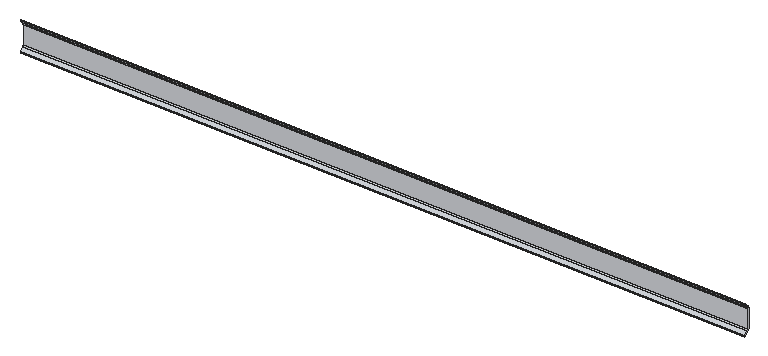
Revit family "SF_SigmaEspecial", category Structural Framing, Revit 2022
Family settings
  Section Shape = Not Defined
  Material for Model Behavior = Other
  Always export as geometry = No
  OmniClass Number = 23.25.30.11.14.14
  OmniClass Title = Beams
  Always vertical = Yes
  Cut with Voids When Loaded = No
  Symbolic Representation = From Family
  Shared = No
  Show family pre-cut in plan views = Yes
Parameters (values of type "Sigma 250")
  e = 3 mm
  R = 8 mm
  D = 20 mm
  URL = ""
  Type Comments = ""
  Structural Material [instance] = ASTM A36
  Model = ""
  Manufacturer = ""
  Length [instance] = 3000 mm
  Keynote = ""
  Description = ""
  Assembly Code = ""
Reference planes
  plane 1 "Center (Front/Back)": y = 0
  plane 2 "Center Elevation": z = 0
  plane 3 "Center (Left/Right)": x = 0
  plane 4 "Left": x = -1500
  plane 5 "Member Left": x = -1250
  plane 6 "Stick Symbol Left": x = -1000
  plane 7 "Right": x = 1500
  plane 8 "Member Right": x = 1250
  plane 9 "Stick Symbol Right": x = 1000
Forms (mm)
  Sweep 1, solid
    path origin (0, 0, 14.308) x (1, 0, 0) y (0, 1, 0)
      loop
        line (-1500, 0) -> (1500, 0)
    profile "SigmaEspecial : SigmaEspecial" origin (0, 0, 14.308) x (0, 1, 0) y (0, 0, 1)
      loop
        line (-3, 38) -> (-3, 0) -> (-3, -38)
        arc (-3, -38) -> (-3.609, -41.061) -> (-5.343, -43.657) r 8
        line (-5.343, -43.657) -> (-19.485, -57.799) -> (-17.364, -59.92) -> (-3.222, -45.778)
        arc (-3.222, -45.778) -> (-0.837, -42.21) -> (0, -38) r 11
        line (0, -38) -> (0, -0.338) -> (0, 38)
        arc (0, 38) -> (-0.837, 42.21) -> (-3.222, 45.778) r 11
        line (-3.222, 45.778) -> (-17.364, 59.92) -> (-19.485, 57.799) -> (-5.343, 43.657)
        arc (-5.343, 43.657) -> (-3.609, 41.061) -> (-3, 38) r 8
Dimensions and locks
  equal spacing: plane 4 "Left", plane 3 "Center (Left/Right)", plane 7 "Right"
  "Length": plane 4 "Left" to plane 7 "Right"
  aligned and locked: level to plane 2 "Center Elevation"
Automatic sketch dimensions
  Sweep 1 sketch curve to plane 4 "Left" = 0 mm
  Sweep 1 sketch curve to plane 7 "Right" = 0 mm
  plane 1 "Center (Front/Back)" to Sweep 1 sketch curve = 0 mm
